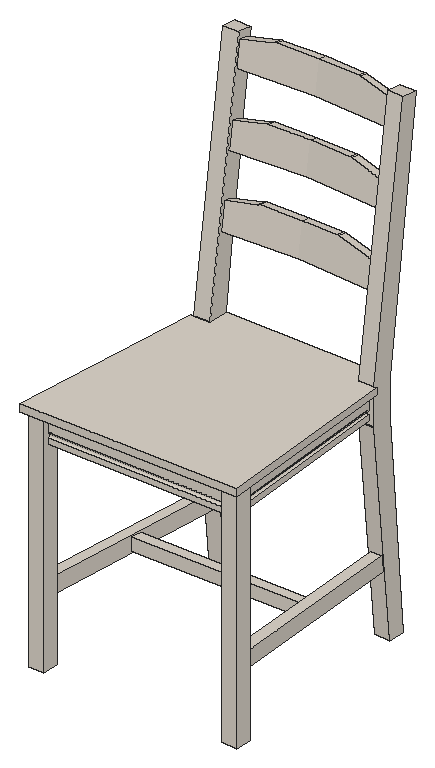
Revit family "IKEA JOKKMOKK chair", category Furniture, Revit 2015
Parameters (values of type "IKEA-chair")
  frame = IKEA natural wood
  Width = 398 mm
  Height = 450 mm
  Depth = 398 mm
Reference planes
  plane 1 "Center (Front/Back)": y = 0
  plane 2: z = 0
  plane 3 "Center (Left/Right)": x = 0
  plane 4: y = 199
  plane 5: y = -199
  plane 6: x = -199
  plane 7: x = 199
  plane 8: z = 450
  plane 9: x = -172
  plane 10: x = 172
  plane 11: z = 380
  plane 12: y = 229
  plane 13: z = 920
  plane 14: y = 261
  plane 15: x = 207
  plane 16: x = -207
Forms (mm)
  Extrusion 1, solid, material "IKEA natural wood" <- "frame"
    sketch origin (0, 0, 0) x (0, 1, 0) y (0, 0, 1)
      loop
        line (-169, 437) -> (-199, 437) -> (-199, 0) -> (-169, 0) -> (-169, 437)
    from 169 to 199
  Extrusion 2, solid, material "IKEA natural wood" <- "frame"
    sketch origin (0, 0, 0) x (1, 0, 0) y (0, 1, 0)
      loop
        line (-142, 199) -> (-142, 161) -> (-177, 161) -> (-207, -209) -> (207, -209) -> (177, 161) -> (142, 161) -> (142, 199) -> (-142, 199)
    from 437 to 450
  Extrusion 3, solid, material "IKEA natural wood" <- "frame"
    sketch origin (0, 40, 0) x (0, 1, 0) y (0, 0, 1)
      loop
        line (189, 0) -> (159.031, 379.607)
        arc (159.031, 379.607) -> (159.008, 380) -> (159, 380.394) r 10
        line (159, 380.394) -> (159, 449.343)
        arc (159, 449.343) -> (159.021, 449.999) -> (159.086, 450.651) r 10
        line (159.086, 450.651) -> (219.796, 910.876) -> (189.908, 914.818) -> (121, 450) -> (121, 380.498)
        arc (121, 380.498) -> (121.012, 380.001) -> (121.049, 379.505) r 10
        line (121.049, 379.505) -> (158.907, 0) -> (189, 0)
    from 142 to 172
  Extrusion 4, solid, material "IKEA natural wood" <- "frame"
    sketch origin (0, 0, 0) x (0, 1, 0) y (0, 0, -1)
      loop
        line (-169, -437) -> (-169, 0) -> (-199, 0) -> (-199, -437) -> (-169, -437)
    from 169 to 199
  Extrusion 5, solid, material "IKEA natural wood" <- "frame"
    sketch origin (0, 40, 0) x (0, 1, 0) y (0, 0, -1)
      loop
        line (189, 0) -> (158.907, 0) -> (121.049, -379.505)
        arc (121.049, -379.505) -> (121.012, -380.001) -> (121, -380.498) r 10
        line (121, -380.498) -> (121, -450) -> (189.908, -914.818) -> (219.796, -910.876) -> (159.086, -450.651)
        arc (159.086, -450.651) -> (159.021, -449.999) -> (159, -449.343) r 10
        line (159, -449.343) -> (159, -380.394)
        arc (159, -380.394) -> (159.008, -380) -> (159.031, -379.607) r 10
        line (159.031, -379.607) -> (189, 0)
    from 142 to 172
  Sweep 6, solid, material "IKEA natural wood" <- "frame"
    path origin (0, 0, 450) x (1, 0, 0) y (0, 1, 0)
      loop
        line (-189.488, -191) -> (189.488, -191) -> (158.677, 189) -> (-158.677, 189) -> (-189.488, -191)
    profile origin (0, -191, 450) x (0, 1, 0) y (0, 0, 1)
      loop
        line (0, -13) -> (0, -45)
        arc (0, -45) -> (4, -49) -> (0, -53) r 4
        line (0, -53) -> (0, -63) -> (15, -63) -> (15, -13) -> (0, -13)
  Extrusion 7, solid, material "IKEA natural wood" <- "frame"
    sketch origin (0, 0, 0) x (1, 0, 0) y (0, 1, 0)
      loop
        line (-146.965, 197.244) -> (-167.014, 197.244) -> (-192.719, -169.218) -> (-172.655, -169) -> (-146.965, 197.244)
      loop
        line (146.965, 197.244) -> (172.655, -169) -> (192.719, -169.218) -> (167.014, 197.244) -> (146.965, 197.244)
    from 120 to 150
  Extrusion 8, solid, material "IKEA natural wood" <- "frame"
    sketch origin (0, 0, 0) x (0, 1, 0) y (0, 0, 1)
      loop
        line (17.5, 148) -> (-2.5, 148) -> (-2.5, 124) -> (17.5, 124) -> (17.5, 148)
    from -177 to 176.724
  Extrusion 9, solid, material "IKEA natural wood" <- "frame"
    sketch origin (0, 0, 0) x (0, 1, 0) y (0, 0, 1)
      loop
        line (235.224, 923.4) -> (186.367, 593.835) -> (216.042, 589.436) -> (264.97, 919.476) -> (235.224, 923.4)
    from -142 to 142
  Extrusion 10, void
    sketch origin (0, 235.214, 923.337) x (0, 0.146644, 0.989189) y (1, 0, 0)
      loop
        line (-283.103, -142) -> (-201.103, -142) -> (-201.103, 142) -> (-285.103, 142) -> (-271.467, 71.549)
        arc (-271.467, 71.549) -> (-271.194, 69.658) -> (-271.103, 67.749) r 20
        line (-271.103, 67.749) -> (-271.103, 0) -> (-271.103, -78.082)
        arc (-271.103, -78.082) -> (-271.194, -79.991) -> (-271.467, -81.883) r 20
        line (-271.467, -81.883) -> (-283.103, -142)
      loop
        line (-153.103, -142) -> (-69.103, -142) -> (-69.103, 142) -> (-153.103, 142) -> (-141.467, 81.883)
        arc (-141.467, 81.883) -> (-141.194, 79.991) -> (-141.103, 78.082) r 20
        line (-141.103, 78.082) -> (-141.103, 0) -> (-141.103, -78.082)
        arc (-141.103, -78.082) -> (-141.194, -79.991) -> (-141.467, -81.883) r 20
        line (-141.467, -81.883) -> (-153.103, -142)
      loop
        line (-21.103, -142) -> (60.897, -142) -> (60.897, 142) -> (-21.103, 142) -> (-9.467, 81.883)
        arc (-9.467, 81.883) -> (-9.194, 79.991) -> (-9.103, 78.082) r 20
        line (-9.103, 78.082) -> (-9.103, 0) -> (-9.103, -78.082)
        arc (-9.103, -78.082) -> (-9.194, -79.991) -> (-9.467, -81.883) r 20
        line (-9.467, -81.883) -> (-21.103, -142)
    from 0 to 41.501
  Extrusion 11, void
    sketch origin (0, 216.042, 589.436) x (0, 0.989189, -0.146644) y (-1, 0, 0)
      loop
        line (-30, 142) -> (-30, -142)
        arc (-30, -142) -> (-20, 0) -> (-30, 142) r 1013.2
      loop
        arc (-14, 142) -> (-4, 0) -> (-14, -142) r 1013.2
        line (-14, -142) -> (25.957, -142) -> (21, 142) -> (-14, 142)
    from 0 to 374.925
Cuts and joins
  Extrusion 10, Extrusion 11 cuts Extrusion 1
  Extrusion 10, Extrusion 11 cuts Extrusion 3
  Extrusion 10, Extrusion 11 cuts Extrusion 4
  Extrusion 10, Extrusion 11 cuts Extrusion 5
  Extrusion 10, Extrusion 11 cuts Sweep 6
  Extrusion 10, Extrusion 11 cuts Extrusion 7
  Extrusion 10, Extrusion 11 cuts Extrusion 8
  joined: Extrusion 1, Extrusion 3, Extrusion 4, Extrusion 5, Sweep 6, Extrusion 7, Extrusion 8
  Extrusion 10, Extrusion 11 cuts Extrusion 9
Dimensions and locks
  equal spacing: plane 6, plane 3 "Center (Left/Right)", plane 7
  "Width": plane 6 to plane 7
  equal spacing: plane 4, plane 1 "Center (Front/Back)", plane 5
  "Depth": plane 4 to plane 5
  plane 8 to plane 2 = 450 mm
  "Height": plane 8 to level
  plane 9 to plane 10 = 344 mm
  equal spacing: plane 9, plane 3 "Center (Left/Right)", plane 10
  Extrusion 1 to plane 12 = 428 mm
  plane 13 to plane 8 = 470 mm
  Extrusion 3 to plane 14 = 100 mm
  equal spacing: plane 16, plane 3 "Center (Left/Right)", plane 15
  plane 16 to plane 15 = 414 mm
  Extrusion 2 sketch curve to Extrusion 2 sketch curve = 408 mm
  Extrusion 2 to Extrusion 9 sketch curve = 146 mm
  Extrusion 2 to cut or joined group of Extrusion 9, Extrusion 10, Extrusion 11 to cut or joined group of Extrusion 9, Extrusion 10, Extrusion 11 to cut or joined group of Extrusion 9, Extrusion 10, Extrusion 11 = 146 mm, 132 mm, 132 mm
  cut or joined group 1 (Extrusion 1, Extrusion 3, Extrusion 4, Extrusion 5, Sweep 6, Extrusion 7, Extrusion 8, Extrusion 10, Extrusion 11) to Extrusion 2 = 469.838 mm  (x2)
  cut or joined group 1 to cut or joined group of Extrusion 9, Extrusion 10, Extrusion 11 = 59.955 mm
  cut or joined group of Extrusion 9, Extrusion 10, Extrusion 11 to Extrusion 2 = 278 mm
  cut or joined group of Extrusion 9, Extrusion 10, Extrusion 11 to Extrusion 2 = 410 mm
  aligned and locked: level to plane 2
Automatic sketch dimensions
  Extrusion 1 sketch curve to plane 5 = 0 mm
  Extrusion 1 sketch curve to level = 0 mm
  plane 5 to Extrusion 1 sketch curve = 30 mm
  Extrusion 1 sketch curve to plane 8 = 13 mm
  Extrusion 4 sketch curve to plane 5 = 0 mm
  Extrusion 4 sketch curve to level = 0 mm
  plane 5 to Extrusion 4 sketch curve = 30 mm
  Extrusion 4 sketch curve to plane 8 = 13 mm
  Extrusion 2 sketch curve to plane 16 = 0 mm
  Extrusion 2 sketch curve to plane 4 = 0 mm
  plane 9 to Extrusion 2 sketch curve = 5 mm
  Extrusion 2 sketch curve to plane 9 = 30 mm
  plane 10 to Extrusion 2 sketch curve = 30 mm
  Extrusion 2 sketch curve to plane 4 = 38 mm  (x2)
  Extrusion 2 sketch curve to plane 10 = 5 mm
  Extrusion 2 sketch curve to plane 15 = 0 mm
  Extrusion 5 sketch curve to plane 8 = 0 mm
  Extrusion 5 sketch curve to level = 0 mm
  Extrusion 5 sketch curve to plane 4 = 0 mm
  Extrusion 5 sketch curve to plane 12 = 0 mm
  Extrusion 5 sketch curve to plane 13 = 9.124 mm
  Extrusion 5 sketch curve to plane 14 = 1.204 mm
  Extrusion 5 sketch curve to plane 4 = 0.093 mm
  plane 11 to Extrusion 5 sketch curve = 0.498 mm
  Extrusion 5 sketch curve to plane 4 = 28 mm
  Extrusion 5 sketch curve to plane 11 = 0.495 mm
  Extrusion 5 sketch curve to Extrusion 5 sketch curve = 9.951 mm
  plane 4 to Extrusion 5 sketch curve = 0.031 mm
  plane 4 to Extrusion 5 sketch curve = 0.086 mm
  Extrusion 5 sketch curve to plane 8 = 0.657 mm
  plane 11 to Extrusion 5 sketch curve = 0.394 mm
  Extrusion 5 sketch curve to Extrusion 5 sketch curve = 10 mm
  Extrusion 5 sketch curve to plane 12 = 0.908 mm
  Extrusion 5 sketch curve to Extrusion 5 sketch curve = 3.943 mm
  Extrusion 3 sketch curve to plane 8 = 0 mm
  Extrusion 3 sketch curve to level = 0 mm
  Extrusion 3 sketch curve to plane 4 = 0 mm
  Extrusion 3 sketch curve to plane 12 = 0 mm
  Extrusion 3 sketch curve to plane 13 = 9.124 mm
  Extrusion 3 sketch curve to plane 14 = 1.204 mm
  Extrusion 3 sketch curve to plane 4 = 0.093 mm
  plane 11 to Extrusion 3 sketch curve = 0.498 mm
  Extrusion 3 sketch curve to plane 4 = 28 mm
  Extrusion 3 sketch curve to plane 11 = 0.495 mm
  Extrusion 3 sketch curve to Extrusion 3 sketch curve = 9.951 mm
  plane 4 to Extrusion 3 sketch curve = 0.031 mm
  plane 4 to Extrusion 3 sketch curve = 0.086 mm
  plane 11 to Extrusion 3 sketch curve = 0.394 mm
  Extrusion 3 sketch curve to Extrusion 3 sketch curve = 10 mm
  Extrusion 3 sketch curve to plane 8 = 0.657 mm
  Extrusion 3 sketch curve to plane 12 = 0.908 mm
  plane 8 to Extrusion 3 sketch curve = 0.651 mm
  Sweep 6 sketch curve to Extrusion 2 = 18 mm
  Extrusion 2 to Sweep 6 sketch curve = 47.488 mm  (x2)
  Extrusion 2 to Sweep 6 sketch curve = 16.677 mm  (x2)
  Sweep 6 sketch curve to Extrusion 2 = 10 mm
  Sweep 6 sketch curve to profile plane = 0 mm
  Sweep 6 sketch curve to Sweep 6 sketch curve = 15 mm
  Sweep 6 sketch curve to profile plane = 63 mm
  Sweep 6 sketch curve to Sweep 6 sketch curve = 4 mm
  Sweep 6 sketch curve to profile plane = 13 mm
  Sweep 6 sketch curve to Sweep 6 sketch curve = 10 mm
  plane 6 to Extrusion 7 sketch curve = 6.281 mm
  plane 9 to Extrusion 7 sketch curve = 0.655 mm
  Extrusion 7 sketch curve to plane 4 = 1.756 mm  (x2)
  Extrusion 7 sketch curve to plane 9 = 4.986 mm
  Extrusion 7 sketch curve to Extrusion 7 sketch curve = 20.049 mm
  plane 10 to Extrusion 7 sketch curve = 25.035 mm
  plane 10 to Extrusion 7 sketch curve = 4.986 mm
  Extrusion 7 sketch curve to plane 10 = 0.655 mm
  Extrusion 7 sketch curve to plane 7 = 6.281 mm
  plane 5 to Extrusion 7 sketch curve = 30 mm  (x2)
  Extrusion 7 sketch curve to Extrusion 7 sketch curve = 0.218 mm  (x2)
  plane 1 "Center (Front/Back)" to Extrusion 8 sketch curve = 2.5 mm
  Extrusion 8 sketch curve to plane 1 "Center (Front/Back)" = 17.5 mm
  level to Extrusion 8 sketch curve = 124 mm
  Extrusion 8 sketch curve to Extrusion 8 sketch curve = 24 mm
  Extrusion 9 sketch curve to plane 12 = 6.224 mm
  plane 14 to Extrusion 9 sketch curve = 3.97 mm
  plane 4 to Extrusion 9 sketch curve = 17.042 mm
  Extrusion 9 sketch curve to Extrusion 9 sketch curve = 4.399 mm
  level to Extrusion 9 sketch curve = 593.835 mm
  Extrusion 10 sketch curve to Extrusion 9 = 0 mm  (x6)
  Extrusion 10 sketch curve to Extrusion 9 = 42 mm  (x2)
  Extrusion 10 sketch curve to Extrusion 9 = 48 mm
  Extrusion 10 sketch curve to Extrusion 9 = 50 mm
  Extrusion 10 sketch curve to Extrusion 10 sketch curve = 19.636 mm  (x4)
  Extrusion 10 sketch curve to Extrusion 9 = 62 mm
  Extrusion 10 sketch curve to Extrusion 10 sketch curve = 84 mm
  Extrusion 10 sketch curve to Extrusion 10 sketch curve = 40 mm  (x2)
  Extrusion 10 sketch curve to Extrusion 10 sketch curve = 48 mm  (x2)
  Extrusion 10 sketch curve to Extrusion 9 = 60.117 mm  (x4)
  Extrusion 10 sketch curve to Extrusion 10 sketch curve = 0.364 mm  (x2)
  Extrusion 10 sketch curve to Extrusion 9 = 69.167 mm
  Extrusion 10 sketch curve to Extrusion 9 = 29.167 mm  (x2)
  Extrusion 10 sketch curve to Extrusion 9 = 21.167 mm  (x2)
  Extrusion 10 sketch curve to Extrusion 9 = 9.531 mm  (x2)
  Extrusion 9 to Extrusion 10 sketch curve = 60.833 mm
  Extrusion 10 sketch curve to Extrusion 10 sketch curve = 78.082 mm  (x3)
  Extrusion 10 sketch curve to Extrusion 9 = 63.918 mm
  Extrusion 10 sketch curve to Extrusion 9 = 74.251 mm
  Extrusion 11 sketch curve to Extrusion 9 = 0 mm  (x5)
  Extrusion 11 sketch curve to Extrusion 11 sketch curve = 16 mm
  Extrusion 11 sketch curve to Extrusion 9 = 21 mm
  Extrusion 11 sketch curve to Extrusion 9 = 25.957 mm
  Extrusion 11 sketch curve to Extrusion 9 = 142 mm
  Extrusion 9 to Extrusion 11 sketch curve = 14 mm
  Extrusion 11 sketch curve to Extrusion 9 = 987.2 mm
